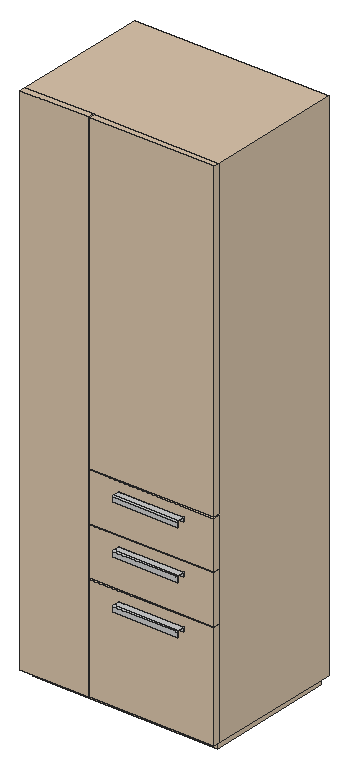
Revit family "Haworth_ComposeStorage_Tower_Wardrobe", category Furniture Systems, Revit 2018
Family settings
  Round Connector Dimension = Use Diameter
  Part Type = Normal
  OmniClass Number = 23.40.70.14.64.21
  OmniClass Title = Systems Furniture
  Work Plane-Based = No
  Always vertical = Yes
  Cut with Voids When Loaded = No
  Shared = No
  Room Calculation Point = No
Parameters (values of type "73h 18d")
  Width = 24"  # constant formula
  Warranty = "http://www.haworth.com/resources/product-info/warranties"
  URL - Product = "http://www.haworth.com/products/storage/cabinets-towers/compose"
  Sustainability Info = "http://media.haworth.com/asset/2999/Compose%20PEDS.pdf"
  Side Panel Base = not(or(Plynth Base, Chamfer Legs))  # yes
  Pull Finish = Haworth _ Metal _ Brushed Aluminum
  Plynth Base = no
  Patterns Pull = not(or(Linear Pull, J Pull, Crescent Pull, Classic Pull))  # yes
  Model = "BZVH"  # constant formula
  Min. Width = 23 7/8"  # constant formula
  Max. Width = 23 7/8"  # constant formula
  Linear Pull = no
  J Pull = no
  Height = 65"
  Finished Back = no
  File File = no
  Drawer Width = 15 5/16"  # constant formula
  Drawer Height Top = 5 15/16"  # constant formula
  Drawer Height Middle = if(Box Box File, 5 15/16", 12")  # 5 15/16"
  Drawer Height Bottom = 13"  # constant formula
  Door Width = 8 7/16"  # constant formula
  Door Finish = Haworth _ Wood _ White Oak
  Description = "Haworth - Compose Storage Tower - File Wardrobe"  # constant formula
  Depth = 18"
  URL = "www.haworth.com"
  Size = "Verify Final Dim. w/ Haworth"  # constant formula
  Revision Number = "3"  # constant formula
  Min. Depth = 17 5/8"  # constant formula
  Max. Depth = 29 5/8"  # constant formula
  Min. Height = 49"  # constant formula
  Max. Height = 73"  # constant formula
  Manufacturer = "Haworth"  # constant formula
  Custom Size = not(and(or(Depth = 18", Depth = 24", Depth = 30"), or(Height = 49", Height = 57", Height = 65", Height = 73"), or(Width = 24")))  # no
  Crescent Pull = no
  Classic Pull = no
  Chamfer Legs = no
  Cabinet Finish = Haworth _ Wood _ White Oak
  Box Box File = not(File File)  # yes
  Base Height = if(Side Panel Base, 1", 1 1/4")  # 1"
  Base Finish = Haworth _ Wood _ White Oak
  Base Depth = Actual Depth - 3/4"  # 16 7/8"
  Base = not(Chamfer Legs)  # yes
  Author = "Haworth (Hampton)"  # constant formula
  Assembly Code = "E2020200"
  Actual Width = if(Width > Max. Width, Max. Width, if(Width < Min. Width, Min. Width, Width - 1/8"))  # 23 7/8"
  Actual Height = if(Height > Max. Height, Max. Height, if(Height < Min. Height, Min. Height, Height))  # 65"
  Min/Max Height = "49, 57, 65, 73 in."  # constant formula
  Min/Max Depth = "18, 24, 30 in."  # constant formula
  Actual Depth = if(Depth > Max. Depth, Max. Depth - 3/8", if(Depth < Min. Depth, Min. Depth - 3/8", Depth - 3/8"))  # 17 5/8"
Reference planes (in)
  plane 1 "Center F/B": y = 0
  plane 2 "Unit Bottom": z = 1
  plane 3 "Center L/R": x = 0.00055
  plane 4 "Unit Top": z = 65
  plane 5 "Base Bottom": z = 0
  plane 6 "Unit Left Edge": x = -11.93695
  plane 7 "Right": x = 11.93805
  plane 8 "Base Right Edge": x = 11.43805
  plane 9 "Left": x = -11.43695
  plane 10 "Base Rear Edge": y = 7.9375
  plane 11 "Back": y = 8.4375
  plane 12 "Base Front Edge": y = -7.9375
  plane 13 "Front": y = -8.4375
  plane 14 "Left Interior": x = -11.18668
  plane 15 "Right Interior": x = 11.18777
  plane 16 "Back Panel Inside": y = 7.6875
  plane 17 "Cabinet Interior Top": z = 64.25
  plane 18 "Cabinet Interior Bottom": z = 1.75
  plane 19: z = 65
  plane 20 "Door Center Left": x = -3.49945
  plane 21 "Door Center Right": x = -3.37445
  plane 22 "Drawer 1": z = 14
  plane 23 "Drawer 2": z = 14.125
  plane 24 "Drawer 5": z = 26.125
  plane 25 "Drawer 6": z = 26.25
  plane 26 "Drawer 3": z = 20.0625
  plane 27 "Drawer 4": z = 20.1875
  plane 28 "Drawer Front": y = -9.1875
  plane 29: z = 22.25
  plane 30: z = 26.25
  plane 31: y = 9.1875
Forms (in)
  Extrusion 1, solid, material "Haworth _ Wood _ White Oak" <- "Base Finish", visible <- "Base"
    sketch origin (0, 0, 0) x (1, 0, 0) y (0, 1, 0)
      loop
        line (11.43805, 7.9375) -> (-11.43695, 7.9375) -> (-11.43695, -7.9375) -> (11.43805, -7.9375) -> (11.43805, 7.9375)
    from 0 to 1
  Extrusion 2, solid, material "Haworth _ Wood _ White Oak" <- "Cabinet Finish"
    sketch origin (0, 0, 0) x (1, 0, 0) y (0, 1, 0)
      loop
        line (-11.18668, 8.4375) -> (-11.18668, 7.6875) -> (11.18777, 7.6875) -> (11.18777, 8.4375) -> (-11.18668, 8.4375)
    from 1.75 to 64.25
  Extrusion 3, solid, material "Haworth _ Wood _ White Oak" <- "Cabinet Finish"
    sketch origin (0, 8.4375, 0) x (1, 0, 0) y (0, 0, 1)
      loop
        line (-11.93695, 65) -> (-11.93695, 1) -> (11.93805, 1) -> (11.93805, 65) -> (-11.93695, 65)
      loop
        line (-11.18695, 64.25) -> (-11.18695, 1.75) -> (11.18777, 1.75) -> (11.18777, 64.25) -> (-11.18695, 64.25)
    from 0 to 16.875
  Extrusion 4, solid, material "Haworth _ Wood _ White Oak" <- "Door Finish"
    sketch origin (0, 0, 0) x (1, 0, 0) y (0, 1, 0)
      loop
        line (-11.93695, -8.4375) -> (-11.93695, -9.1875) -> (-3.49945, -9.1875) -> (-3.49945, -8.4375) -> (-11.93695, -8.4375)
    from 1 <- "Base Height" to 65
  Extrusion 5, solid, material "Haworth _ Wood _ White Oak" <- "Door Finish"
    sketch origin (-3.125, -6.375, 0) x (1, 0, 0) y (0, 1, 0)
      loop
        line (-0.24945, -2.0625) -> (-0.24945, -2.8125) -> (15.06305, -2.8125) -> (15.06305, -2.0625) -> (-0.24945, -2.0625)
    from 26.25 to 65
  Extrusion 6, solid, material "Haworth _ Wood _ White Oak" <- "Cabinet Finish", visible <- "Finished Back"
    sketch origin (0, 0, 0) x (1, 0, 0) y (0, 1, 0)
      loop
        line (-11.93695, 9.1875) -> (-11.93695, 8.4375) -> (11.93805, 8.4375) -> (11.93805, 9.1875) -> (-11.93695, 9.1875)
    from 1 to 65
Cuts and joins
  joined: Extrusion 2, Extrusion 3
Lines and regions (in)
  Masking region 1
    outline origin (0, 0, 0) x (1, 0, 0) y (0, 1, 0)
      loop
        line (-11.93695, 8.4375) -> (-11.93695, -8.4375) -> (11.93805, -8.4375) -> (11.93805, 8.4375) -> (-11.93695, 8.4375)
  Masking region 2, visible <- "Finished Back"
    outline origin (0, 0, 0) x (1, 0, 0) y (0, 1, 0)
      loop
        line (-11.93695, 9.1875) -> (-11.93695, 8.4375) -> (11.93805, 8.4375) -> (11.93805, 9.1875) -> (-11.93695, 9.1875)
  Masking region 3
    outline origin (0, 0, 0) x (1, 0, 0) y (0, 1, 0)
      loop
        line (-11.93695, -8.4375) -> (-11.93695, -9.1875) -> (-3.49945, -9.1875) -> (-3.49945, -8.4375) -> (-11.93695, -8.4375)
  symbolic lines, style "Haworth"
    curve 1: line (11.93805, -7.6875, 0) -> (11.93805, -8.4375, 0)
    curve 2: line (-11.93695, -7.6875, 0) -> (-11.93695, -8.4375, 0)
Dimensions and locks (in)
  equal spacing: plane 6 "Unit Left Edge", plane 3 "Center L/R", plane 7 "Right"
  "Actual Width": plane 6 "Unit Left Edge" to plane 7 "Right"
  equal spacing: plane 13 "Front", plane 1 "Center F/B", plane 11 "Back"
  "Base Depth": plane 13 "Front" to plane 11 "Back"
  "Actual Height": plane 19 to level
  Extrusion 3 to plane 7 "Right" = 0.75027"
  locked: plane 6 "Unit Left Edge" to Extrusion 3 at 0.75
  locked: plane 6 "Unit Left Edge" to plane 9 "Left" at 0.5
  locked: plane 8 "Base Right Edge" to plane 7 "Right" at 0.5
  locked: plane 13 "Front" to plane 12 "Base Front Edge" at 0.5
  locked: plane 6 "Unit Left Edge" to plane 14 "Left Interior" at 0.75027
  locked: plane 15 "Right Interior" to plane 7 "Right" at 0.75027
  locked: plane 18 "Cabinet Interior Bottom" to plane 2 "Unit Bottom" at 0.75
  locked: plane 11 "Back" to plane 16 "Back Panel Inside" at 0.75
  locked: plane 10 "Base Rear Edge" to plane 11 "Back" at 0.5
  "Base Height": plane 2 "Unit Bottom" to level
  locked: plane 19 to plane 4 "Unit Top"
  locked: plane 4 "Unit Top" to plane 17 "Cabinet Interior Top" at 0.75
  "Door Width": plane 6 "Unit Left Edge" to plane 20 "Door Center Left"
  "Drawer Width": plane 21 "Door Center Right" to plane 7 "Right"
  locked: plane 23 "Drawer 2" to plane 22 "Drawer 1" at 0.125
  plane 26 "Drawer 3" to plane 23 "Drawer 2" = 5 15/16"
  locked: plane 27 "Drawer 4" to plane 26 "Drawer 3" at 0.125
  plane 24 "Drawer 5" to plane 27 "Drawer 4" = 5 15/16"
  locked: plane 25 "Drawer 6" to plane 24 "Drawer 5" at 0.125
  "Drawer Height Bottom": plane 22 "Drawer 1" to plane 2 "Unit Bottom"
  plane 11 "Back" to plane 31 = 3/4"
  locked: plane 28 "Drawer Front" to plane 13 "Front" at 0.75
  aligned: Extrusion 1 to level
  aligned: plane 4 "Unit Top" to Extrusion 3  (x3)
  aligned: level to Extrusion 1
  aligned: Extrusion 2 to Extrusion 3  (x4)
  aligned: Extrusion 3 to plane 11 "Back"  (x2)
  aligned and locked: Extrusion 2 to plane 11 "Back"  (x2)
  aligned and locked: Extrusion 1 to plane 10 "Base Rear Edge"
  aligned and locked: plane 9 "Left" to Extrusion 1
  aligned and locked: plane 8 "Base Right Edge" to Extrusion 1
  aligned: plane 7 "Right" to Extrusion 3
  aligned: plane 6 "Unit Left Edge" to Extrusion 3
  aligned: plane 13 "Front" to Extrusion 3  (x2)
  aligned and locked: plane 12 "Base Front Edge" to Extrusion 1
  aligned: plane 2 "Unit Bottom" to Extrusion 3
  aligned: Extrusion 1 to plane 5 "Base Bottom"  (x2)
  aligned: plane 2 "Unit Bottom" to Extrusion 1  (x2)
  aligned and locked: plane 15 "Right Interior" to Extrusion 2
  aligned and locked: Extrusion 2 to plane 14 "Left Interior"
  aligned: Extrusion 3 to plane 2 "Unit Bottom"
  aligned and locked: plane 16 "Back Panel Inside" to Extrusion 2
  aligned: plane 17 "Cabinet Interior Top" to Extrusion 3
  aligned: plane 18 "Cabinet Interior Bottom" to Extrusion 3
  aligned and locked: level to plane 5 "Base Bottom"
  aligned and locked: plane 17 "Cabinet Interior Top" to Extrusion 3 sketch curve
  aligned and locked: plane 17 "Cabinet Interior Top" to Extrusion 2
  aligned and locked: plane 2 "Unit Bottom" to Extrusion 1
  aligned and locked: Extrusion 2 to plane 18 "Cabinet Interior Bottom"
  aligned and locked: plane 13 "Front" to Extrusion 3
  aligned and locked: plane 13 "Front" to nested 2
  aligned and locked: plane 6 "Unit Left Edge" to nested 2
  aligned and locked: plane 11 "Back" to nested 1
  aligned and locked: nested 1 to plane 6 "Unit Left Edge"
  aligned and locked: nested 3 to plane 11 "Back"
  aligned and locked: nested 3 to plane 7 "Right"
  aligned and locked: nested 4 to plane 13 "Front"
  aligned and locked: plane 7 "Right" to nested 4
  aligned and locked: plane 20 "Door Center Left" to Extrusion 4 sketch curve
  aligned and locked: Extrusion 4 sketch curve to plane 6 "Unit Left Edge"
  aligned and locked: Extrusion 4 sketch curve to plane 13 "Front"
  aligned: Extrusion 4 sketch curve to plane 28 "Drawer Front"
  aligned: plane 4 "Unit Top" to Extrusion 4
  aligned: Extrusion 4 to plane 2 "Unit Bottom"  (x2)
  aligned and locked: Extrusion 5 sketch curve to plane 7 "Right"
  aligned and locked: plane 21 "Door Center Right" to Extrusion 5 sketch curve
  aligned: plane 13 "Front" to Extrusion 5 sketch curve
  aligned and locked: plane 28 "Drawer Front" to Extrusion 5 sketch curve
  aligned: plane 4 "Unit Top" to Extrusion 5
  aligned: Extrusion 5 to plane 25 "Drawer 6"
  aligned and locked: nested 5 to plane 7 "Right"
  aligned and locked: plane 13 "Front" to nested 5
  aligned and locked: plane 2 "Unit Bottom" to nested 5
  aligned and locked: nested 6 to plane 7 "Right"
  aligned and locked: plane 13 "Front" to nested 6
  aligned and locked: plane 23 "Drawer 2" to nested 6
  aligned and locked: nested 7 to plane 7 "Right"
  aligned and locked: plane 13 "Front" to nested 7
  aligned and locked: plane 27 "Drawer 4" to nested 7
  aligned and locked: Extrusion 6 sketch curve to plane 7 "Right"
  aligned and locked: plane 6 "Unit Left Edge" to Extrusion 6 sketch curve
  aligned and locked: Extrusion 6 sketch curve to plane 11 "Back"
  aligned and locked: Extrusion 6 sketch curve to plane 31
  aligned and locked: Extrusion 6 to plane 2 "Unit Bottom"
  aligned and locked: plane 4 "Unit Top" to Extrusion 6
  aligned and locked: plane 6 "Unit Left Edge" to Masking region 2 sketch curve
  aligned and locked: Masking region 2 sketch curve to plane 7 "Right"
  aligned and locked: Masking region 2 sketch curve to plane 31
  aligned and locked: Masking region 2 sketch curve to plane 11 "Back"
  aligned and locked: Extrusion 5 to plane 13 "Front"
  aligned: Extrusion 4 to plane 13 "Front"
  aligned and locked: plane 19 to Extrusion 4
  aligned and locked: plane 19 to Extrusion 5
  aligned and locked: Extrusion 5 to plane 25 "Drawer 6"
  aligned and locked: Extrusion 4 to plane 28 "Drawer Front"
  aligned and locked: plane 19 to cut or joined group of Extrusion 2, Extrusion 3
  aligned and locked: plane 7 "Right" to cut or joined group of Extrusion 2, Extrusion 3
  aligned and locked: cut or joined group of Extrusion 2, Extrusion 3 to plane 15 "Right Interior"
  aligned and locked: cut or joined group of Extrusion 2, Extrusion 3 to plane 2 "Unit Bottom"
  aligned and locked: plane 18 "Cabinet Interior Bottom" to cut or joined group of Extrusion 2, Extrusion 3
  aligned and locked: cut or joined group of Extrusion 2, Extrusion 3 to plane 6 "Unit Left Edge"
  aligned and locked: cut or joined group of Extrusion 2, Extrusion 3 to plane 11 "Back"
  aligned and locked: plane 6 "Unit Left Edge" to Masking region 3 sketch curve
  aligned and locked: plane 13 "Front" to Masking region 3 sketch curve
  aligned and locked: plane 28 "Drawer Front" to Masking region 3 sketch curve
  aligned and locked: Masking region 3 sketch curve to plane 20 "Door Center Left"
Automatic sketch dimensions
  Extrusion 1 sketch curve to plane 9 "Left" = 0"
  Extrusion 1 sketch curve to plane 8 "Base Right Edge" = 0"
  plane 12 "Base Front Edge" to Extrusion 1 sketch curve = 0"
  plane 10 "Base Rear Edge" to Extrusion 1 sketch curve = 0"
  Extrusion 2 sketch curve to plane 14 "Left Interior" = 0"
  plane 11 "Back" to Extrusion 2 sketch curve = 0"
  Extrusion 2 sketch curve to plane 15 "Right Interior" = 0"
  Extrusion 2 sketch curve to plane 16 "Back Panel Inside" = 0"
  Extrusion 3 sketch curve to plane 2 "Unit Bottom" = 0"
  Extrusion 3 sketch curve to plane 6 "Unit Left Edge" = 0"
  plane 18 "Cabinet Interior Bottom" to Extrusion 3 sketch curve = 0"
  plane 4 "Unit Top" to Extrusion 3 sketch curve = 0"
  plane 14 "Left Interior" to Extrusion 3 sketch curve = 0.00027"
  Extrusion 3 sketch curve to plane 15 "Right Interior" = 0"
  plane 7 "Right" to Extrusion 3 sketch curve = 0"
  Masking region 1 sketch curve to plane 7 "Right" = 0"
  plane 13 "Front" to Masking region 1 sketch curve = 0"
  curve 1 to plane 7 "Right" = 0"
  plane 13 "Front" to curve 2 = 0"
  plane 13 "Front" to curve 1 = 0"
  curve 2 to plane 6 "Unit Left Edge" = 0"
  plane 13 "Front" to Extrusion 5 sketch curve = 0"
  curve 1 to plane 12 "Base Front Edge" = 1/4"
  Extrusion 4 sketch curve to plane 28 "Drawer Front" = 0"
  curve 2 to plane 12 "Base Front Edge" = 1/4"
  Masking region 1 sketch curve to plane 6 "Unit Left Edge" = 0"
  plane 11 "Back" to Masking region 1 sketch curve = 0"
Nested families (in)
  nested 1: "Haworth_Feet" at (-10.99945, 8.4375, 0), visible <- "Chamfer Legs", type "Haworth_Feet"
    with Foot Height 1"
  nested 2: "Haworth_Feet" at (-10.99945, -8.4375, 0), visible <- "Chamfer Legs", type "Haworth_Feet"
    with Foot Height 1"
  nested 3: "Haworth_Feet" at (11.00055, 8.4375, 0) x (-1, 0, 0) z (0, 0, 1), visible <- "Chamfer Legs", type "Haworth_Feet"
    with Foot Height 1"
  nested 4: "Haworth_Feet" at (11.00055, -8.4375, 0) x (-1, 0, 0) z (0, 0, 1), visible <- "Chamfer Legs", type "Haworth_Feet"
    with Foot Height 1"
  nested 5: "Haworth_Drawer" at (4.2818, -8.4375, 1), type "Haworth_Drawer_Bottom"
    with J Pull Drawer no
  nested 6: "Haworth_Drawer" at (4.2818, -8.4375, 14.125), type "Haworth_Drawer_Middle"
    with J Pull Drawer no
  nested 7: "Haworth_Drawer" at (4.2818, -8.4375, 20.1875), visible <- "Box Box File", type "Haworth_Drawer_Top"
    with J Pull Drawer no
Definition of nested family "Haworth_Feet"
  Parameters
    URL = "www.haworth.com"
    Sustainability Info = ""
    Material Options = ""
    Manufacturer = "Haworth"  # constant formula
    LEED Data = ""
    Foot Height = 1 1/4"
    Foot Finish = none
    Author = "SHAPE Environments, LLC"  # constant formula
    Assembly Code = ""
  Reference planes (in)
    plane 1 "Center F/B": y = 0
    plane 2: z = 0
    plane 3 "Center L/R": x = 0
    plane 4: z = 1.25
  Forms (in)
    Extrusion 1, solid, material <- "Foot Finish"
      sketch origin (-0.14373, 0, 0) x (0, 1, 0) y (0, 0, 1)
        loop
          line (-1.33333, 0.5) -> (-1.25, 0) -> (0, 0) -> (0, 1.25) -> (-3.75, 1.25) -> (-3.75, 0.75) -> (-1.58333, 0.75)
          arc (-1.58333, 0.75) -> (-1.40656, 0.67678) -> (-1.33333, 0.5) r 0.25
      from -0.79377 to 1.08123
  Dimensions and locks (in)
    "Foot Height": plane 4 to level
    plane 1 "Center F/B" to Extrusion 1 sketch curve = 3 3/4"
    locked: level to Extrusion 1 sketch curve (angle 80.5377°)
    aligned and locked: Extrusion 1 to plane 4
  Automatic sketch dimensions
    Extrusion 1 sketch curve to level = 0"
    Extrusion 1 sketch curve to plane 1 "Center F/B" = 0"
    plane 1 "Center F/B" to Extrusion 1 sketch curve = 1 1/4"
    Extrusion 1 sketch curve to Extrusion 1 sketch curve = 1/4"
    plane 4 to Extrusion 1 sketch curve = 0"
    plane 4 to Extrusion 1 sketch curve = 3/4"
Definition of nested family "Haworth_Drawer"
  Parameters (values of type "Haworth_Drawer_Top")
    Pull Taper = no
    Pull Radius = no
    Pull Patterns = yes
    Pull Linear = no
    Pull Height = 1 7/16"
    Pull Finish = none
    Pull Ellipse = no
    Pull Crescent = no
    Pull Classic = no
    J Pull Drawer [instance] = J Pull  # no
    J Pull = no
    Integral Pull Location = if(Integral Pull, 3 5/8", 1")  # 1"
    Integral Pull = no
    Front Finish = none
    Drawer Width = 15 5/16"
    Flush Drawer = not(J Pull)  # yes
    Drawer Height = 5 15/16"
    Drawer Finish = none
    Drawer Depth = 3/4"
    Assembly Code = ""
  Types (3): name | Drawer Height
    Haworth_Drawer_Top | 5 15/16"
    Haworth_Drawer_Middle | 5 15/16"
    Haworth_Drawer_Bottom | 13"
  Reference planes (in)
    plane 1 "Drawer Back": y = 0
    plane 2: z = 0
    plane 3 "Center L/R": x = 0
    plane 4 "Drawer Front": y = -0.75
    plane 5 "Left": x = -7.65625
    plane 6 "Right": x = 7.65625
    plane 7 "Top": z = 5.9375
    plane 8: y = -4
    plane 9: y = -3
    plane 10 "Integral Top": z = 4.21875
    plane 11 "Pull Location": z = 4.5
    plane 12 "Integral Bottom": z = 4.78125
  Forms (in)
    Extrusion 1, solid, material <- "Drawer Finish", visible <- "J Pull Drawer"
      sketch origin (-7.65625, 0, 0) x (0, 1, 0) y (0, 0, 1)
        loop
          line (0, 5.9375) -> (-0.25, 5.9375) -> (-0.25, 5.375) -> (-0.75, 5.375) -> (-0.75, 0) -> (0, 0) -> (0, 5.9375)
      from 0 to 15.3125
    Extrusion 2, solid, material <- "Drawer Finish", visible <- "Flush Drawer"
      sketch origin (-7.65625, 0, 2.25) x (0, 1, 0) y (0, 0, 1)
        loop
          line (0, 3.6875) -> (-0.75, 3.6875) -> (-0.75, -2.25) -> (0, -2.25) -> (0, 3.6875)
      from 0 to 15.3125
    Extrusion 3, void
      sketch origin (0, -0.75, 0) x (-1, 0, 0) y (0, 0, 1)
        loop
          line (4, 4.21875) -> (4, 4.78125) -> (-4, 4.78125) -> (-4, 4.21875) -> (4, 4.21875)
      from -3.25 to -2.25
  Cuts and joins
    Extrusion 3 cuts Extrusion 1
    Extrusion 3 cuts Extrusion 2
  Lines and regions (in)
    Masking region 1
      outline origin (0, 0, 0) x (1, 0, 0) y (0, 1, 0)
        loop
          line (-7.65625, 0) -> (-7.65625, -0.75) -> (7.65625, -0.75) -> (7.65625, 0) -> (-7.65625, 0)
  Dimensions and locks (in)
    equal spacing: plane 5 "Left", plane 3 "Center L/R", plane 6 "Right"
    "Drawer Width": plane 5 "Left" to plane 6 "Right"
    "Drawer Depth": plane 1 "Drawer Back" to plane 4 "Drawer Front"
    "Drawer Height": plane 7 "Top" to level
    locked: plane 8 to plane 1 "Drawer Back" at 4
    "Integral Pull Location": plane 8 to plane 9
    equal spacing: Extrusion 3 sketch curve, plane 3 "Center L/R", Extrusion 3 sketch curve
    locked: Extrusion 3 sketch curve to Extrusion 3 sketch curve at 8
    "Pull Height": plane 7 "Top" to plane 11 "Pull Location"
    equal spacing: plane 12 "Integral Bottom", plane 11 "Pull Location", plane 10 "Integral Top"
    locked: plane 12 "Integral Bottom" to plane 10 "Integral Top" at 0.5625
    aligned and locked: Extrusion 1 sketch curve to plane 1 "Drawer Back"
    aligned and locked: Extrusion 1 sketch curve to plane 2
    aligned and locked: Extrusion 1 sketch curve to plane 4 "Drawer Front"
    aligned and locked: Extrusion 1 to plane 6 "Right"
    aligned and locked: Extrusion 2 to plane 6 "Right"
    aligned and locked: plane 1 "Drawer Back" to Extrusion 2 sketch curve
    aligned and locked: plane 7 "Top" to Extrusion 2 sketch curve
    aligned and locked: level to Extrusion 2 sketch curve
    aligned and locked: Extrusion 2 sketch curve to plane 4 "Drawer Front"
    aligned: plane 7 "Top" to nested 1
    aligned: Extrusion 3 to plane 8
    aligned: plane 9 to Extrusion 3
    aligned and locked: nested 1 to plane 4 "Drawer Front"
    aligned and locked: plane 12 "Integral Bottom" to Extrusion 3 sketch curve
    aligned and locked: nested 1 to plane 11 "Pull Location"
    aligned and locked: plane 3 "Center L/R" to nested 1
    aligned and locked: plane 9 to Extrusion 3
    aligned and locked: plane 1 "Drawer Back" to Masking region 1 sketch curve
    aligned and locked: plane 4 "Drawer Front" to Masking region 1 sketch curve
    aligned and locked: plane 6 "Right" to Masking region 1 sketch curve
    aligned and locked: plane 5 "Left" to Masking region 1 sketch curve
  Automatic sketch dimensions
    Extrusion 1 sketch curve to plane 7 "Top" = 0"
    plane 1 "Drawer Back" to Extrusion 1 sketch curve = 1/4"
    Extrusion 1 sketch curve to Extrusion 1 sketch curve = 9/16"
    Extrusion 3 sketch curve to plane 10 "Integral Top" = 0"
  Nested families (in)
    nested 1: "Haworth_Drawer-Pulls" at (0, -0.75, 4.5), type "Pull"
      with Patterns yes, Linear no
  Definition of nested family "Haworth_Drawer-Pulls"
    Parameters
      Taper = no
      Radius = no
      Patterns = no
      Linear = yes
      Handle Finish = none
      Ellipse = no
      Cresent = no
      Classic = no
      Assembly Code = ""
    Reference planes (in)
      plane 1 "Center Front/Back": y = 0
      plane 2: z = 0
      plane 3 "Center Left/Right": x = 0
    Forms (in)
      Extrusion 1, solid, material <- "Handle Finish", visible <- "Ellipse"
        sketch origin (0, 0, 0.15915) x (0, 1, 0) y (0, 0, 1)
          loop
            arc (-0.03015, 0) -> (-0.26713, -0.02983) -> (-0.49038, -0.11475) r 1.00501
            arc (-0.49038, -0.11475) -> (-0.65216, -0.22112) -> (-0.78985, -0.35725) r 0.97894
            arc (-0.78985, -0.35725) -> (-0.87314, -0.47263) -> (-0.94033, -0.59807) r 1.0667
            arc (-0.94033, -0.59807) -> (-0.90977, -0.66145) -> (-0.84562, -0.63254) r 0.05041
            arc (-0.84562, -0.63254) -> (-0.67669, -0.39049) -> (-0.44702, -0.20509) r 1.04885
            arc (-0.44702, -0.20509) -> (-0.35012, -0.16094) -> (-0.24858, -0.12892) r 0.8735
            arc (-0.24858, -0.12892) -> (-0.16053, -0.15188) -> (-0.11419, -0.23018) r 0.11948
            arc (-0.11419, -0.23018) -> (-0.0664, -0.27738) -> (0, -0.26729) r 0.07488
            line (0, -0.26729) -> (0, -0.05102) -> (-0.03015, 0)
        from -6.51863 to 6.51698
      Extrusion 2, void
        sketch origin (0, 0, 0.15915) x (1, 0, 0) y (0, 1, 0)
          loop
            line (-6.49996, 0) -> (-6.67266, 0) -> (-6.67266, -1.11616) -> (6.67266, -1.11616) -> (6.67266, 0) -> (6.49996, 0)
            arc (6.49996, 0) -> (6.46575, -0.17809) -> (6.37201, -0.33332) r 0.51574
            arc (6.37201, -0.33332) -> (6.23583, -0.44508) -> (6.07096, -0.50713) r 0.54076
            arc (6.07096, -0.50713) -> (4.5721, -0.7479) -> (3.05951, -0.87689) r 20.46435
            arc (3.05951, -0.87689) -> (0, -0.95029) -> (-3.05951, -0.87689) r 63.79827
            arc (-3.05951, -0.87689) -> (-4.5721, -0.7479) -> (-6.07096, -0.50713) r 20.46435
            arc (-6.07096, -0.50713) -> (-6.23583, -0.44508) -> (-6.37201, -0.33332) r 0.54076
            arc (-6.37201, -0.33332) -> (-6.46575, -0.17809) -> (-6.49996, 0) r 0.51574
        from 0 to -0.90865
      Blend 3, solid, material <- "Handle Finish", visible <- "Radius"
        base sketch origin (0, 0, 0.3125) x (0, 1, 0) y (0, 0, -1)
          loop
            line (0, 0) -> (0, 0.625) -> (-0.40339, 0.625)
            arc (-0.40339, 0.625) -> (-0.71589, 0.3125) -> (-0.40339, 0) r 0.3125
            line (-0.40339, 0) -> (0, 0)
        top sketch origin (0, 0, 0.3125) x (0, 1, 0) y (0, 0, -1)
          loop
            line (0, 0) -> (0, 0.625) -> (-0.77884, 0.625)
            arc (-0.77884, 0.625) -> (-1.09134, 0.3125) -> (-0.77884, 0) r 0.3125
            line (-0.77884, 0) -> (0, 0)
        from -4.875 to -3.625
      Sweep 4, solid, material <- "Handle Finish", visible <- "Radius"
        path origin (0, 0, 0) x (1, 0, 0) y (0, 1, 0)
          loop
            arc (-4.875, -0.71589) -> (0, -1.5425) -> (4.875, -0.71589) r 14.78881
        profile origin (0, -1.5425, 0) x (0, 1, 0) y (0, 0, 1)
          loop
            circle (0.3125, 0) r 0.30469
      Extrusion 5, solid, material <- "Handle Finish", visible <- "Taper"
        sketch origin (0, 0, 0.27281) x (0, 1, 0) y (0, 0, 1)
          loop
            line (0, 0) -> (-0.875, 0)
            arc (-0.875, 0) -> (-0.96339, -0.03661) -> (-1, -0.125) r 0.125
            line (-1, -0.125) -> (-1, -0.7) -> (-0.96886, -0.7) -> (-0.96886, -0.1251)
            arc (-0.96886, -0.1251) -> (-0.94137, -0.05874) -> (-0.875, -0.03125) r 0.09386
            line (-0.875, -0.03125) -> (-0.03125, -0.03125) -> (-0.03125, -0.53) -> (0, -0.53) -> (0, 0)
        from -6.5565 to 6.5565
      Extrusion 6, void
        sketch origin (0, 0, 0.27281) x (1, 0, 0) y (0, 0, 1)
          loop
            arc (-5.23353, -0.7191) -> (-5.99714, -0.52453) -> (-6.57454, 0.01172) r 1.59575
            line (-6.57454, 0.01172) -> (-6.85981, 0.01172) -> (-6.85981, -1) -> (6.85981, -1) -> (6.85981, 0.01172) -> (6.57454, 0.01172)
            arc (6.57454, 0.01172) -> (5.99714, -0.52453) -> (5.23353, -0.7191) r 1.59575
            line (5.23353, -0.7191) -> (-5.23353, -0.7191)
        from 0 to 2.20115
      Sweep 7, solid, material <- "Handle Finish", visible <- "Cresent"
        path origin (0, 0, 0.125) x (1, 0, 0) y (0, 1, 0)
          loop
            arc (-3.80272, 0.04) -> (0, -1.24998) -> (3.80273, 0.04) r 6.25
        profile origin (0, -1.24998, 0.125) x (0, 1, 0) y (0, 0, 1)
          loop
            circle (0.125, -0.125) r 0.125
      Extrusion 8, void
        sketch origin (0, 0, 0.125) x (1, 0, 0) y (0, 1, 0)
          loop
            line (-3.94545, 0) -> (3.94399, 0) -> (3.94399, 0.32073) -> (-3.94545, 0.32073) -> (-3.94545, 0)
        from 0.03472 to -0.28458
      Extrusion 9, solid, material <- "Handle Finish", visible <- "Linear"
        sketch origin (0, 0, 0.125) x (1, 0, 0) y (0, 1, 0)
          loop
            line (-4, 0) -> (-4, -1.25) -> (4, -1.25) -> (4, 0) -> (3, 0) -> (3, -1) -> (-3, -1) -> (-3, 0) -> (-4, 0)
        from 0 to -0.25
      Extrusion 10, solid, material <- "Handle Finish", visible <- "Classic"
        sketch origin (0, 0, 0.375) x (1, 0, 0) y (0, 0, 1)
          loop
            line (-3.375, 0) -> (-3.375, -0.75)
            arc (-3.375, -0.75) -> (-3, -0.375) -> (-3.375, 0) r 0.375
        from 0 to 1
      Extrusion 11, solid, material <- "Handle Finish", visible <- "Classic"
        sketch origin (0, 0, 0.375) x (-1, 0, 0) y (0, 0, -1)
          loop
            arc (-3.375, 0) -> (-3, 0.375) -> (-3.375, 0.75) r 0.375
            line (-3.375, 0.75) -> (-3.375, 0)
        from 0 to 1
      Extrusion 12, solid, material <- "Handle Finish", visible <- "Classic"
        sketch origin (0, 0, 0.375) x (1, 0, 0) y (0, 0, 1)
          loop
            line (-3.375, 0) -> (-3.375, -0.75) -> (3.375, -0.75) -> (3.375, 0) -> (-3.375, 0)
        from 1 to 1.25
      Blend 13, solid, material <- "Handle Finish", visible <- "Radius"
        base sketch origin (0, 0, 0.3125) x (0, 1, 0) y (0, 0, 1)
          loop
            line (0, 0) -> (-0.40339, 0)
            arc (-0.40339, 0) -> (-0.71589, -0.3125) -> (-0.40339, -0.625) r 0.3125
            line (-0.40339, -0.625) -> (0, -0.625) -> (0, 0)
        top sketch origin (0, 0, 0.3125) x (0, 1, 0) y (0, 0, 1)
          loop
            line (0, 0) -> (-0.77884, 0)
            arc (-0.77884, 0) -> (-1.09134, -0.3125) -> (-0.77884, -0.625) r 0.3125
            line (-0.77884, -0.625) -> (0, -0.625) -> (0, 0)
        from -4.875 to -3.625
      Extrusion 14, solid, material <- "Handle Finish", visible <- "Patterns"
        sketch origin (0, 0, 0.27281) x (0, 1, 0) y (0, 0, 1)
          loop
            line (0, 0) -> (-0.875, 0)
            arc (-0.875, 0) -> (-0.96339, -0.03661) -> (-1, -0.125) r 0.125
            line (-1, -0.125) -> (-1, -0.7) -> (-0.96886, -0.7) -> (-0.96886, -0.1251)
            arc (-0.96886, -0.1251) -> (-0.94137, -0.05874) -> (-0.875, -0.03125) r 0.09386
            line (-0.875, -0.03125) -> (-0.03125, -0.03125) -> (-0.03125, -0.53) -> (0, -0.53) -> (0, 0)
        from -4 to 4
    Cuts and joins
      Extrusion 2 cuts Extrusion 1
      joined: Extrusion 10, Extrusion 11, Extrusion 12
      Extrusion 6 cuts Extrusion 5
      Extrusion 8 cuts Sweep 7
      joined: Blend 3, Sweep 4, Blend 13
Types in the file's own list only (12): name | Height | Depth | Base Depth | Actual Height | Actual Depth
  18d 49h | 49" | 18" | 16 7/8" | 49" | 17 5/8"
  18d 57h | 57" | 18" | 16 7/8" | 57" | 17 5/8"
  18d 65h | 65" | 18" | 16 7/8" | 65" | 17 5/8"
  18d 73h | 73" | 18" | 16 7/8" | 73" | 17 5/8"
  24d 49h | 49" | 24" | 22 7/8" | 49" | 23 5/8"
  24d 57h | 57" | 24" | 22 7/8" | 57" | 23 5/8"
  24d 65h | 65" | 24" | 22 7/8" | 65" | 23 5/8"
  24d 73h | 73" | 24" | 22 7/8" | 73" | 23 5/8"
  30d 49h | 49" | 30" | 28 1/2" | 49" | 29 1/4"
  30d 57h | 57" | 30" | 28 1/2" | 57" | 29 1/4"
  30d 65h | 65" | 30" | 28 1/2" | 65" | 29 1/4"
  30d 73h | 73" | 30" | 28 1/2" | 73" | 29 1/4"
